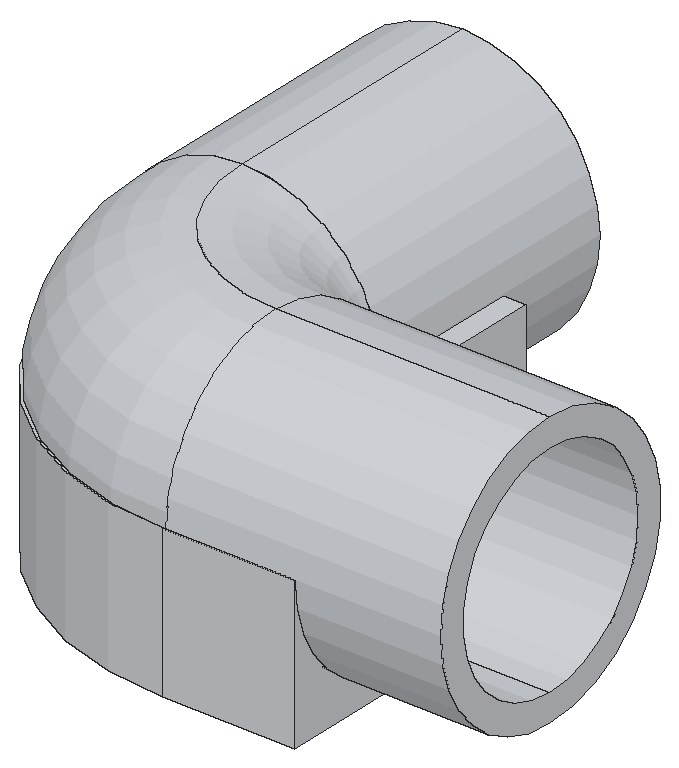
Revit family "IE1B", category Generic Models, Revit 2017
Family settings
  Can host rebar = No
  Round Connector Dimension = Use Diameter
  Part Type = Normal
  Work Plane-Based = Yes
  Always vertical = No
  Cut with Voids When Loaded = No
  Shared = No
  Room Calculation Point = No
Parameters (values of type "NBS Standard Parameters")
  Weight = "0.2865Kg"
  WarrantyStartDate [instance] = "1900-12-31T23:59:59"
  WarrantyGuarantorParts = "n/a"
  WarrantyGuarantorLabor = "n/a"
  WarrantyDurationUnit = "1 year"
  WarrantyDurationParts = "n/a"
  WarrantyDurationLabor = "n/a"
  WarrantyDescription = "n/a"
  Version = "1"
  Uniclass2 = "Pr_65_70_11_20"
  TagNumber [instance] = "n/a"
  SustainabilityPerformance = "n/a"
  Size = "20mm"
  Shape = "n/a"
  SerialNumber [instance] = "n/a"
  Revision = "n/a"
  ReplacementCost = "n/a"
  ProductInformation = "www.metpro.co.uk/pdf/ie1g.pdf"
  NominalWidth = 52 mm
  NominalLength = 52 mm
  NominalHeight = 32 mm
  Name = ""
  NBSTypeID = ""
  NBSReference = "90-55-10/460"
  NBSOfficeMasterTag = ""
  NBSNote = ""
  NBSDescription = "Conduit Fittings"
  NBSCertification = ""
  ModelReference = "IE1B"
  ModelNumber = "n/a"
  Material = "Malleable Iron"
  ManufacturerURL = "www.metpro.co.uk"
  ManufacturerName = "Metpro Ltd"
  Keynote = "Compliant to LU Standard 1-085"
  InstallationDate [instance] = "1900-12-31T23:59:59"
  IfcExportType = ""
  IfcExportAs = ""
  Grade = "n/a"
  Finish = "Black"
  Features = "n/a"
  ExpectedLife = "n/a"
  DurationUnit = "year"
  Description = "IE1B  20mm Conduit Inspection Elbow"
  Default Elevation = 1219.2 mm
  Constituents = "n/a"
  Color = "n/a"
  CodePerformance = "n/a"
  Category = "n/a"
  BarCode [instance] = "n/a"
  BIMObjectName = "Metpro_Metprolibrary_Conduitfittings_Metalcomponents_Steelaccessories"
  Author = "Metpro Ltd"
  AssetType = ""
  AssetIdentifier [instance] = "n/a"
  AccessibilityPerformance = "n/a"
Reference planes
  plane 1 "Center (Front/Back)": y = 0
  plane 2: z = 0
  plane 3 "Center (Left/Right)": x = 0
Forms (mm)
  Extrusion 1, solid
    sketch origin (-75.996, 27.892, 35.138) x (0, -1, 0) y (1, 0, 0)
      loop
        line (31.228, 31.967) -> (6.228, 31.967) -> (6.228, 24.858)
        arc (6.228, 24.858) -> (4.763, 21.322) -> (1.228, 19.858) r 5
        line (1.228, 19.858) -> (-10.196, 19.858) -> (-10.196, -7.282) -> (4.009, -7.282)
        arc (4.009, -7.282) -> (23.256, 0.69) -> (31.228, 19.937) r 27.218
        line (31.228, 19.937) -> (31.228, 31.967)
    from -13.724 to 0
  Sweep 2, solid
    path origin (-75.996, 27.892, 35.138) x (0, -1, 0) y (1, 0, 0)
      loop
        line (18.728, 45.245) -> (18.728, 20.245)
        arc (18.728, 20.245) -> (14.334, 9.638) -> (3.728, 5.245) r 15
        line (3.728, 5.245) -> (-21.272, 5.245)
    profile origin (-43.251, 9.165, 35.138) x (0, -1, 0) y (0, 0, 1)
      loop
        circle (0, 0) r 12.5
      loop
        circle (0, 0) r 10
  Sweep 3, void
    path origin (-75.996, 27.892, 35.138) x (0, -1, 0) y (1, 0, 0)
      loop
        line (18.728, 45.245) -> (18.728, 17.75)
        arc (18.728, 17.75) -> (15.065, 8.907) -> (6.223, 5.245) r 12.505
        line (6.223, 5.245) -> (-26.272, 5.245)
    profile origin (-44.499, 9.165, 35.138) x (0, -1, 0) y (0, 0, 1)
      loop
        circle (0, 0) r 10
Cuts and joins
  Sweep 3 cuts Extrusion 1
Dimensions and locks
  aligned and locked: level to plane 2
